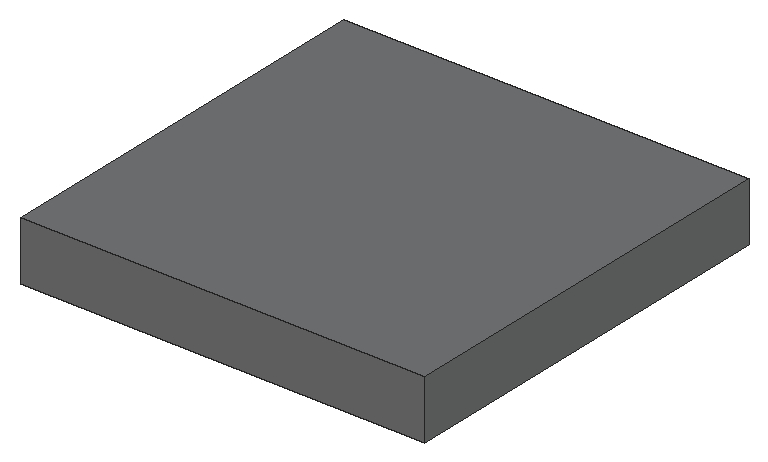
Revit family "Gira_087601", category Electrical Fixtures, host Face, Revit 2017
Family settings
  Host = Face
  Maintain Annotation Orientation = No
  Round Connector Dimension = Use Diameter
  Part Type = Normal
  Cut with Voids When Loaded = No
  Shared = No
  Room Calculation Point = No
Parameters (values of type "Abd. BSF TAE USB System 55 Cremeweiß")
  Zusammenstellung = "Zentralplatte"
  Werkstoffgüte = "sonstige"
  Werkstoff = "Kunststoff"
  Verwendung = "TAE"
  URL = "http://katalog.gira.de/de_DE/datenblatt.html?artikelnr=087601"
  Transparent = "No"
  Tragring = "No"
  Region = "DE"
  RAL-Nummer (ähnlich) = "1013 "
  Oberfläche = "sonstige"
  Name = "Abd. BSF TAE USB System 55 Cremeweiß"
  Montageart = "unter Putz"
  Mit Zugentlastung = "No"
  Mit Staubschutz = "No"
  Mit Klappdeckel = "No"
  Mit Aufdruck = "No"
  Manufacturer URL = "https://www.gira.de/"
  Lüsterklemme = "No"
  Keynote = "Sys55_Abdeckung_Schalten und Tasten"
  HeinzeBIM = "https://bimportal.heinze.de/bim/abd-bsf-tae-usb-system-55-cremeweiss/39dc29031af41180100e91df9b4b6423fde67fdf"
  Halogenfrei = "Yes"
  HAN = "087601"
  Geeignet für Schutzart (IP) = "IP20"
  GTIN = "4010337876014"
  Farbe = "cremeweiß (elektroweiß)"
  Default Elevation = 1219.2 mm
  Data sheet (1) = "https://katalog.gira.de/de_DE/download.html?artikelnr=087601"
  Category = "Einsatz/Abdeckung für Kommunikationstechnik"
  Beschriftungsfeld = "mit Beschriftungsfeld"
  Befestigungsart = "Befestigung mit Schraube"
  Available = "Yes"
  Ausführung der Oberfläche = "glänzend"
  Anthrazit [instance] = Anthrazit
Reference planes
  plane 1 "Center (Front/Back)": y = 0
  plane 2: z = 0
  plane 3 "Center (Left/Right)": x = 0
Forms (mm)
  Extrusion 1, solid, material "Anthrazit" <- "Anthrazit", detail levels fine
    sketch origin (0, 0, 0) x (1, 0, 0) y (0, 1, 0)
      loop
        line (-27.5, 27.5) -> (-27.5, -27.5) -> (27.5, -27.5) -> (27.5, 27.5) -> (-27.5, 27.5)
    from 0 to 8
  Extrusion 2, void
    sketch origin (0, 0, 0) x (1, 0, 0) y (0, 1, 0)
      loop
        line (26, 26) -> (-26, 26) -> (-26, -26) -> (26, -26) -> (26, 26)
    from 0 to 6
  Extrusion 3, solid, material "Anthrazit" <- "Anthrazit", detail levels medium
    sketch origin (0, 0, 0) x (1, 0, 0) y (0, 1, 0)
      loop
        line (-27.5, 27.5) -> (-27.5, -27.5) -> (27.5, -27.5) -> (27.5, 27.5) -> (-27.5, 27.5)
    from 0 to 8
  Extrusion 4, solid, material "Anthrazit" <- "Anthrazit", detail levels medium
    sketch origin (0, 0, 0) x (1, 0, 0) y (0, 1, 0)
      loop
        line (11, -17.5) -> (11, 17.5) -> (-11, 17.5) -> (-11, -17.5) -> (11, -17.5)
    from -6 to 6
  Extrusion 5, solid, material "Anthrazit" <- "Anthrazit", detail levels fine
    sketch origin (0, 0, 0) x (1, 0, 0) y (0, 1, 0)
      loop
        line (11, 17.5) -> (-11, 17.5) -> (-11, 16.5) -> (11, 16.5) -> (11, 17.5)
      loop
        line (-11, -16.5) -> (-11, -17.5) -> (11, -17.5) -> (11, -16.5) -> (-11, -16.5)
    from -4 to 6
  Extrusion 6, solid, material "Anthrazit" <- "Anthrazit", detail levels fine
    sketch origin (0, 0, 0) x (1, 0, 0) y (0, 1, 0)
      loop
        arc (5, 9.347) -> (0, 10.6) -> (-5, 9.347) r 10.6
        line (-5, 9.347) -> (-5, -9.347)
        arc (-5, -9.347) -> (0, -10.6) -> (5, -9.347) r 10.6
        line (5, -9.347) -> (5, 9.347)
    from -6 to 6
  Extrusion 7, solid, material "Anthrazit" <- "Anthrazit", detail levels coarse
    sketch origin (0, 0, 0) x (1, 0, 0) y (0, 1, 0)
      loop
        line (-27.5, 27.5) -> (-27.5, -27.5) -> (27.5, -27.5) -> (27.5, 27.5) -> (-27.5, 27.5)
    from -6 to 8
Cuts and joins
  Extrusion 2 cuts Extrusion 1
Dimensions and locks
  aligned and locked: plane 2 to host face
  aligned and locked: level to host face
